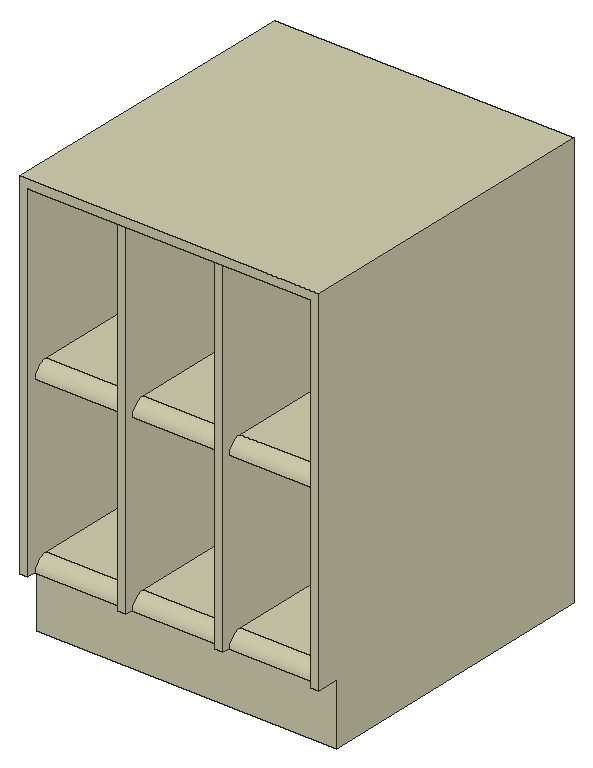
Revit family "Wenger Cabinet 52", category Furniture, Revit 2011
Parameters (values of type "Standard Cabinet #52")
  URL = "http://www.wengercorp.com/Home/Contact.html"
  Keynote = ""
  Cabinet Label = Labels : Standard
  Toekick Material [instance] = none
  RH End Panel [instance] = no
  Model = "52"
  Manufacturer = "Wenger Corporation"
  LH End Panel [instance] = no
  End Panel Material [instance] = none
  Edge Banding Material [instance] = none
  Door Material [instance] = none
  Description = "Standard Cabinet #52"
  Cabinet Width = 2' - 3 1/2"
  Cabinet Height = 3' - 2 5/16"
  Cabinet Depth = 2' - 5 1/4"
  Cabinet Back Thickness = 0' - 0 3/4"
  Assembly Code = ""
Types (4): name | Keynote | Cabinet Label | Model | Description | Cabinet Width | Cabinet Depth | Cabinet Back Thickness
  Standard Cabinet #52 | "" | Labels : Standard | "52" | "Standard Cabinet #52" | 2' - 3 1/2" | 2' - 5 1/4" | 0' - 0 3/4"
  Narrow Cabinet #52 | "" | Labels : Narrow | "52N" | "Narrow Cabinet #52" | 1' - 9 1/2" | 2' - 5 1/4" | 0' - 0 3/4"
  Acoustic Cabinet #52 | "Wenger Cabinets" | Labels : Acoustic | "52A" | "Acoustic Cabinet #52" | 2' - 3 1/2" | 2' - 7 3/4" | 0' - 3 1/4"
  Narrow Acoustic Cabinet #52 | "" | Labels : Narrow Acoustic | "52NA" | "Narrow Acoustic Cabinet #52" | 1' - 9 1/2" | 2' - 7 3/4" | 0' - 3 1/4"
Reference planes (in)
  plane 1 "Front": y = 0
  plane 2: z = 0
  plane 3 "Left": x = 0
  plane 4 "Right": x = 27.5
  plane 5 "Back": y = 29.25
  plane 6 "Top": z = 38.3125
  plane 7: z = 5.625
  plane 8: z = 21.59375
  plane 9: x = 0.75
  plane 10: x = 26.75
  plane 11: z = 37.5625
  plane 12: x = 8.91667
  plane 13: x = 9.66667
  plane 14: x = 17.83333
  plane 15: x = 18.58333
  plane 16: y = 28.5
  plane 17: y = 2
  plane 18: y = 0.75
  plane 19: z = 22.71875
  plane 20: z = 6.75
Forms (in)
  Extrusion 1, solid, material "Wenger - Oyster"
    sketch origin (0, 0, 0) x (0, 1, 0) y (0, 0, 1)
      loop
        line (0, 38.3125) -> (0, 5.625) -> (2, 5.625) -> (2, 0) -> (29.25, 0) -> (29.25, 38.3125) -> (0, 38.3125)
    from 0 to 27.5
  Extrusion 2, void
    sketch origin (0, 0, 0) x (0, 1, 0) y (0, 0, 1)
      loop
        line (-5.5, 37.5625) -> (-5.5, 5.625) -> (0.75, 5.625)
        arc (0.75, 5.625) -> (1.18296, 6.40088) -> (2, 6.75) r 1.375
        line (2, 6.75) -> (28.5, 6.75) -> (28.5, 21.59375) -> (0.75, 21.59375)
        arc (0.75, 21.59375) -> (1.18296, 22.36963) -> (2, 22.71875) r 1.375
        line (2, 22.71875) -> (28.5, 22.71875) -> (28.5, 37.5625) -> (-5.5, 37.5625)
    from 0.75 to 8.91667
  Extrusion 3, void
    sketch origin (0, 0, 0) x (0, 1, 0) y (0, 0, 1)
      loop
        line (-5.5, 37.5625) -> (-5.5, 5.625) -> (0.75, 5.625)
        arc (0.75, 5.625) -> (1.18296, 6.40088) -> (2, 6.75) r 1.375
        line (2, 6.75) -> (28.5, 6.75) -> (28.5, 21.59375) -> (0.75, 21.59375)
        arc (0.75, 21.59375) -> (1.18296, 22.36963) -> (2, 22.71875) r 1.375
        line (2, 22.71875) -> (28.5, 22.71875) -> (28.5, 37.5625) -> (-5.5, 37.5625)
    from 9.66667 to 17.83333
  Extrusion 4, void
    sketch origin (0, 0, 0) x (0, 1, 0) y (0, 0, 1)
      loop
        line (-5.5, 37.5625) -> (-5.5, 5.625) -> (0.75, 5.625)
        arc (0.75, 5.625) -> (1.18296, 6.40088) -> (2, 6.75) r 1.375
        line (2, 6.75) -> (28.5, 6.75) -> (28.5, 21.59375) -> (0.75, 21.59375)
        arc (0.75, 21.59375) -> (1.18296, 22.36963) -> (2, 22.71875) r 1.375
        line (2, 22.71875) -> (28.5, 22.71875) -> (28.5, 37.5625) -> (-5.5, 37.5625)
    from 18.58333 to 26.75
  Extrusion 5, void
    sketch origin (0, 0, 0) x (0, 1, 0) y (0, 0, 1)
      loop
        line (0, 37.5625) -> (0, 5.625) -> (0.0625, 5.625) -> (0.0625, 37.5625) -> (0, 37.5625)
    from 0.75 to 26.75
Cuts and joins
  Extrusion 2, Extrusion 3, Extrusion 4, Extrusion 5 cuts Extrusion 1
Lines and regions (in)
  symbolic lines
    curve 1: line (0, 29.25, 0) -> (27.5, 29.25, 0)
    curve 2: line (0, 0, 0) -> (0, 29.25, 0)
    curve 3: line (27.5, 0, 0) -> (0, 0, 0)
    curve 4: line (27.5, 29.25, 0) -> (27.5, 0, 0)
Dimensions and locks (in)
  locked: plane 3 "Left" to plane 9 at 0.75
  locked: plane 12 to plane 13 at 0.75
  locked: plane 14 to plane 15 at 0.75
  locked: plane 10 to plane 4 "Right" at 0.75
  "Cabinet Back Thickness": plane 5 "Back" to plane 16
  locked: plane 1 "Front" to plane 18 at 0.75
  locked: plane 1 "Front" to plane 17 at 2
  locked: plane 19 to plane 8 at 1.125
  locked: plane 6 "Top" to plane 11 at 0.75
  equal spacing: plane 11, plane 8, plane 7
  locked: plane 20 to plane 7 at 1.125
  equal spacing: plane 10, plane 14, plane 12, plane 3 "Left"
  "Cabinet Width": plane 3 "Left" to plane 4 "Right"
  locked: plane 7 to level at 5.625
  "Cabinet Height": plane 6 "Top" to level
  "Cabinet Depth": plane 1 "Front" to plane 5 "Back"
  plane 9 to plane 10 = 2' - 2"
  plane 11 to plane 7 = 2' - 7 15/16"
  aligned and locked: Extrusion 1 sketch curve to plane 6 "Top"
  aligned and locked: Extrusion 1 sketch curve to plane 5 "Back"
  aligned and locked: Extrusion 1 sketch curve to plane 1 "Front"
  aligned and locked: Extrusion 1 sketch curve to plane 7
  aligned and locked: Extrusion 1 sketch curve to plane 17
  aligned and locked: Extrusion 1 sketch curve to level
  aligned and locked: Extrusion 1 to plane 4 "Right"
  aligned and locked: Extrusion 1 to plane 3 "Left"
  aligned and locked: Extrusion 2 sketch curve to plane 11
  aligned and locked: Extrusion 2 sketch curve to plane 19
  aligned and locked: Extrusion 2 sketch curve to plane 8
  aligned and locked: Extrusion 2 sketch curve to plane 20
  aligned and locked: Extrusion 2 to plane 9
  aligned and locked: plane 12 to Extrusion 2
  aligned and locked: plane 14 to Extrusion 3
  aligned and locked: Extrusion 3 to plane 13
  aligned and locked: Extrusion 4 to plane 10
  aligned and locked: Extrusion 4 to plane 15
  aligned and locked: Extrusion 5 sketch curve to cut or joined group of Extrusion 1, Extrusion 2, Extrusion 3, Extrusion 4, Extrusion 5  (x3)
  aligned and locked: Extrusion 5 to plane 10
  aligned and locked: Extrusion 5 to plane 9
  aligned and locked: plane 3 "Left" to curve 2
  aligned and locked: curve 1 to plane 5 "Back"
  aligned and locked: plane 4 "Right" to curve 4
  aligned and locked: curve 3 to plane 1 "Front"
Automatic sketch dimensions
  Extrusion 2 sketch curve to plane 7 = 0' - 0"
  Extrusion 2 sketch curve to plane 18 = 0' - 0"  (x2)
  Extrusion 2 sketch curve to plane 17 = 0' - 0"  (x2)
  Extrusion 2 sketch curve to plane 16 = 0' - 0"  (x2)
  plane 1 "Front" to Extrusion 2 sketch curve = 0' - 5 1/2"
  Extrusion 2 sketch curve to plane 17 = 0' - 0.10279"  (x2)
  Extrusion 3 sketch curve to plane 11 = 0' - 0"
  Extrusion 3 sketch curve to plane 7 = 0' - 0"
  Extrusion 3 sketch curve to plane 18 = 0' - 0"  (x2)
  Extrusion 3 sketch curve to plane 8 = 0' - 0"
  Extrusion 3 sketch curve to plane 17 = 0' - 0"  (x2)
  Extrusion 3 sketch curve to plane 16 = 0' - 0"  (x2)
  Extrusion 3 sketch curve to plane 20 = 0' - 0"
  Extrusion 3 sketch curve to plane 19 = 0' - 0"
  plane 1 "Front" to Extrusion 3 sketch curve = 0' - 5 1/2"
  Extrusion 3 sketch curve to plane 17 = 0' - 0.10279"  (x2)
  Extrusion 4 sketch curve to plane 11 = 0' - 0"
  Extrusion 4 sketch curve to plane 7 = 0' - 0"
  Extrusion 4 sketch curve to plane 18 = 0' - 0"  (x2)
  Extrusion 4 sketch curve to plane 8 = 0' - 0"
  Extrusion 4 sketch curve to plane 17 = 0' - 0"  (x2)
  Extrusion 4 sketch curve to plane 16 = 0' - 0"  (x2)
  Extrusion 4 sketch curve to plane 20 = 0' - 0"
  Extrusion 4 sketch curve to plane 19 = 0' - 0"
  plane 1 "Front" to Extrusion 4 sketch curve = 0' - 5 1/2"
  Extrusion 4 sketch curve to plane 17 = 0' - 0.10279"  (x2)
  plane 18 to Extrusion 5 sketch curve = 0' - 0 11/16"
Nested families (in)
  nested 1: "LH End Panel" at (0, 14.25, 0) x (0, -1, 0) z (0, 0, 1), End Panel Material <- "End Panel Material", visible <- "LH End Panel", Edge Banding Material <- "Edge Banding Material", type "20x84 LH"
    with End Panel Material none, Edge Banding Material none, End Panel Height 3' - 2 5/16", End Panel Depth 2' - 5 1/4"
  nested 2: "RH End Panel" at (28.25, 14.25, 0) x (0, -1, 0) z (0, 0, 1), End Panel Material <- "End Panel Material", visible <- "RH End Panel", Edge Banding Material <- "Edge Banding Material", type "20x84 RH"
    with End Panel Material none, Edge Banding Material none, End Panel Height 3' - 2 5/16", End Panel Depth 2' - 5 1/4"
  nested 3: "Labels" at (10.6869, 14.28125, 0), type <- "Cabinet Label", type "Standard"
  nested 4: "Front Note" at (10.66043, 0.75, 0), type "Front Note", detail levels medium+fine
Definition of nested family "LH End Panel"
  Parameters (values of type "20x84 LH")
    End Panel Material [instance] = none
    End Panel Height = 7' - 1 5/8"
    End Panel Depth = 1' - 7 1/4"
    Edge Banding Material [instance] = none
    Default Elevation = 4' - 0"
    Assembly Code = ""
  Reference planes (in)
    plane 1 "Center (Front/Back)": y = 0
    plane 2: z = 0
    plane 3 "Center (Left/Right)": x = 0
    plane 4: x = -15
    plane 5: x = 4.25
    plane 6: z = 5.625
    plane 7: x = 2.25
    plane 8: z = 85.625
    plane 9: y = -0.75
  Forms (in)
    Extrusion 1, solid, material <- "End Panel Material"
      sketch origin (0, 0, 0) x (1, 0, 0) y (0, 0, 1)
        loop
          line (-15, 85.625) -> (-15, 0) -> (2.25, 0) -> (2.25, 5.625) -> (4.25, 5.625) -> (4.25, 85.625) -> (-15, 85.625)
      from 0 to 0.75
  Dimensions and locks (in)
    locked: plane 7 to plane 5 at 2
    locked: plane 6 to level at 5.625
    "End Panel Height": plane 8 to level
    "End Panel Depth": plane 5 to plane 4
    locked: plane 9 to plane 1 "Center (Front/Back)" at 0.75
    aligned and locked: plane 4 to Extrusion 1 sketch curve
    aligned and locked: level to Extrusion 1 sketch curve
    aligned and locked: plane 7 to Extrusion 1 sketch curve
    aligned and locked: plane 6 to Extrusion 1 sketch curve
    aligned and locked: Extrusion 1 sketch curve to plane 5
    aligned and locked: Extrusion 1 sketch curve to plane 8
    aligned and locked: Extrusion 1 to plane 9
    aligned and locked: Extrusion 1 to plane 1 "Center (Front/Back)"
Definition of nested family "RH End Panel"
  Parameters (values of type "20x84 RH")
    End Panel Material [instance] = none
    End Panel Height = 7' - 1 5/8"
    End Panel Depth = 1' - 7 1/4"
    Edge Banding Material [instance] = none
    Default Elevation = 4' - 0"
    Assembly Code = ""
  Reference planes (in)
    plane 1 "Center (Front/Back)": y = 0
    plane 2: z = 0
    plane 3 "Center (Left/Right)": x = 0
    plane 4: x = -15
    plane 5: x = 4.25
    plane 6: z = 5.625
    plane 7: x = 2.25
    plane 8: z = 85.625
    plane 9: y = -0.75
  Forms (in)
    Extrusion 1, solid, material <- "End Panel Material"
      sketch origin (0, 0, 0) x (1, 0, 0) y (0, 0, 1)
        loop
          line (-15, 85.625) -> (-15, 0) -> (2.25, 0) -> (2.25, 5.625) -> (4.25, 5.625) -> (4.25, 85.625) -> (-15, 85.625)
      from 0 to 0.75
  Dimensions and locks (in)
    locked: plane 7 to plane 5 at 2
    locked: plane 6 to level at 5.625
    "End Panel Height": plane 8 to level
    "End Panel Depth": plane 5 to plane 4
    locked: plane 9 to plane 1 "Center (Front/Back)" at 0.75
    aligned and locked: plane 4 to Extrusion 1 sketch curve
    aligned and locked: level to Extrusion 1 sketch curve
    aligned and locked: plane 7 to Extrusion 1 sketch curve
    aligned and locked: plane 6 to Extrusion 1 sketch curve
    aligned and locked: Extrusion 1 sketch curve to plane 5
    aligned and locked: Extrusion 1 sketch curve to plane 8
    aligned and locked: Extrusion 1 to plane 9
    aligned and locked: Extrusion 1 to plane 1 "Center (Front/Back)"
Definition of nested family "Labels"
  Parameters (values of type "Standard")
    Cabinet Label = "01"
  Types (4): name | Cabinet Label
    Standard | "01"
    Narrow | "01N"
    Narrow Acoustic | "01NA"
    Acoustic | "01A"
  Reference planes (in)
    plane 1: y = 0
    plane 2: x = 0
  Text (in)
    label "xxxx" at (-0.00018, 0.00754, 0), shows "Cabinet Label"
Definition of nested family "Front Note"
  Parameters (values of type "Front Note")
    Cabinet Label = "Front"
  Reference planes (in)
    plane 1: y = 0
    plane 2: x = 0
  Text (in)
    label "Front" at (-0.00018, 0.00754, 0), shows "Cabinet Label"
